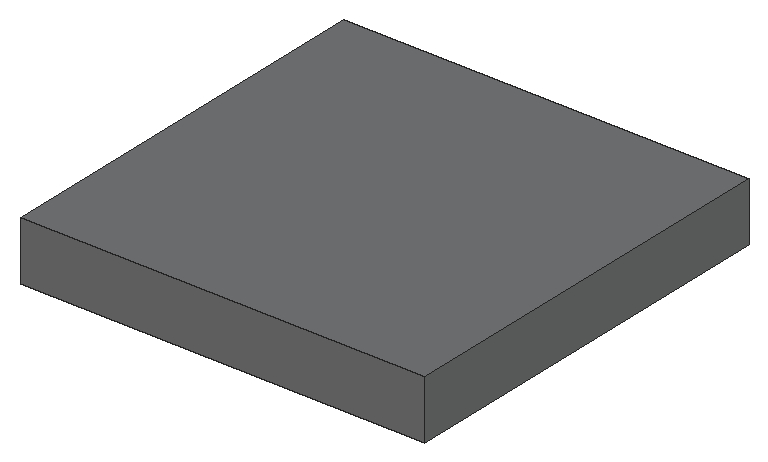
Revit family "Gira_067328", category Electrical Fixtures, host Face, Revit 2017
Family settings
  Host = Face
  Maintain Annotation Orientation = No
  Round Connector Dimension = Use Diameter
  Part Type = Normal
  Cut with Voids When Loaded = No
  Shared = No
  Room Calculation Point = No
Parameters (values of type "Rocker sym.bell + in.sp. System 55 anthra.")
  With exchangeable lens/symbol = "No"
  URL = "http://katalog.gira.de/en/datenblatt.html?artikelnr=067328"
  Suitable for touch sensor connector for bus system = "No"
  Scannable symbol / barrier free = "No"
  Name = "Rocker sym.bell + in.sp. System 55 anthra."
  Monitoring window/light outlet = "No"
  Model = "Single rocker"
  Manufacturer URL = "https://www.gira.de/"
  Manufacturer = "Gira"
  Keynote = ""
  HeinzeBIM = "https://bimportal.heinze.de/bim/rocker-sym-bell-in-sp-system-55-anthra-/d40e9d960c937ea5600909ee1d9fc36d4f7391d7"
  HAN = "067328"
  GTIN = "4010337673286"
  Description = "Rock.sym.bell in.sp. Sys55 AN,Rocker with symbol and inscription space,Bell,anthracite,"
  Default Elevation = 1219.2 mm
  Data sheet (1) = "https://katalog.gira.de/en/download.html?artikelnr=067328"
  Category = "Control element/cover plate for domestic switching devices"
  BIM (1) = "https://media.stage.bim.site/public/gira/36a6b08/Sys55_Abdeckung_Schalten und Tasten.rfa?public/gira/36a6b08/Sys55_Abdeckung_Schalten und Tasten.rfa"
  Available = "No"
  Anthrazit [instance] = Anthrazit
Reference planes
  plane 1 "Center (Front/Back)": y = 0
  plane 2: z = 0
  plane 3 "Center (Left/Right)": x = 0
Forms (mm)
  Extrusion 1, solid, material "Anthrazit" <- "Anthrazit", detail levels fine
    sketch origin (0, 0, 0) x (1, 0, 0) y (0, 1, 0)
      loop
        line (-27.5, 27.5) -> (-27.5, -27.5) -> (27.5, -27.5) -> (27.5, 27.5) -> (-27.5, 27.5)
    from 0 to 8
  Extrusion 2, void
    sketch origin (0, 0, 0) x (1, 0, 0) y (0, 1, 0)
      loop
        line (26, 26) -> (-26, 26) -> (-26, -26) -> (26, -26) -> (26, 26)
    from 0 to 6
  Extrusion 3, solid, material "Anthrazit" <- "Anthrazit", detail levels medium
    sketch origin (0, 0, 0) x (1, 0, 0) y (0, 1, 0)
      loop
        line (-27.5, 27.5) -> (-27.5, -27.5) -> (27.5, -27.5) -> (27.5, 27.5) -> (-27.5, 27.5)
    from 0 to 8
  Extrusion 4, solid, material "Anthrazit" <- "Anthrazit", detail levels medium
    sketch origin (0, 0, 0) x (1, 0, 0) y (0, 1, 0)
      loop
        line (11, -17.5) -> (11, 17.5) -> (-11, 17.5) -> (-11, -17.5) -> (11, -17.5)
    from -6 to 6
  Extrusion 5, solid, material "Anthrazit" <- "Anthrazit", detail levels fine
    sketch origin (0, 0, 0) x (1, 0, 0) y (0, 1, 0)
      loop
        line (11, 17.5) -> (-11, 17.5) -> (-11, 16.5) -> (11, 16.5) -> (11, 17.5)
      loop
        line (-11, -16.5) -> (-11, -17.5) -> (11, -17.5) -> (11, -16.5) -> (-11, -16.5)
    from -4 to 6
  Extrusion 6, solid, material "Anthrazit" <- "Anthrazit", detail levels fine
    sketch origin (0, 0, 0) x (1, 0, 0) y (0, 1, 0)
      loop
        arc (5, 9.347) -> (0, 10.6) -> (-5, 9.347) r 10.6
        line (-5, 9.347) -> (-5, -9.347)
        arc (-5, -9.347) -> (0, -10.6) -> (5, -9.347) r 10.6
        line (5, -9.347) -> (5, 9.347)
    from -6 to 6
  Extrusion 7, solid, material "Anthrazit" <- "Anthrazit", detail levels coarse
    sketch origin (0, 0, 0) x (1, 0, 0) y (0, 1, 0)
      loop
        line (-27.5, 27.5) -> (-27.5, -27.5) -> (27.5, -27.5) -> (27.5, 27.5) -> (-27.5, 27.5)
    from -6 to 8
Cuts and joins
  Extrusion 2 cuts Extrusion 1
Dimensions and locks
  aligned and locked: plane 2 to host face
  aligned and locked: level to host face
